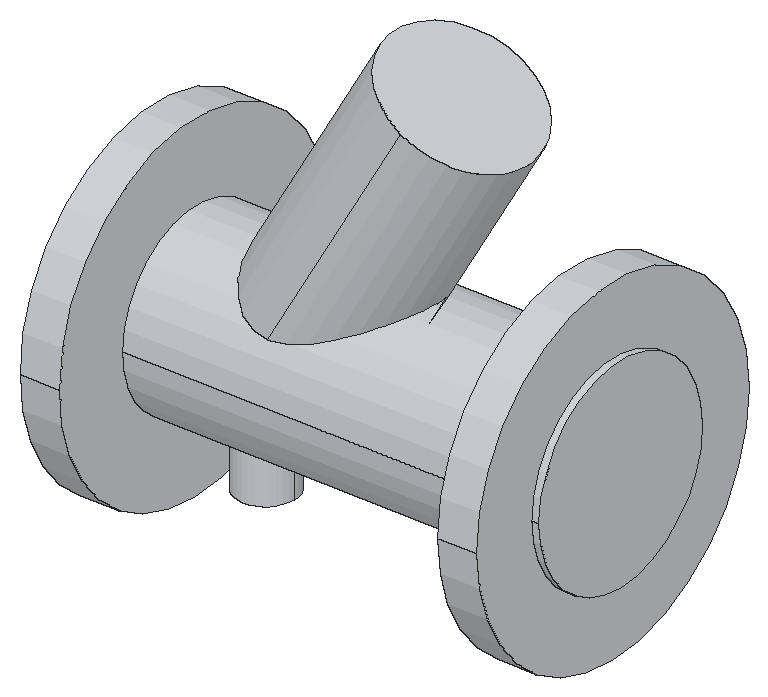
Revit family "HS 821-síto_jemné-PN16-DN050-RFA_2019", category Pipe Accessories, Revit 2019
Family settings
  Round Connector Dimension = Use Diameter
  Part Type = Breaks Into
  Work Plane-Based = No
  Always vertical = Yes
  Cut with Voids When Loaded = No
  Shared = No
Parameters (values of type "821A-DN050-PN16-síto_jemné")
  magiProductId = "8255d456a09e4f6486734f5dd9171b"
  magiProductFamilyId = "79214ac3aaa945e397802f559f5c1e"
  magiPartTypeId = 307
  isMeasuringValve [instance] = no
  ang2D [instance] = 0.00°
  ZB__ve = -ZB  # -26.75 mm
  ZB1 = 40.095 mm
  ZB = 26.75 mm
  X2 = 79.061 mm
  X1 = 32.2 mm
  W2D = 15 mm
  VersionID = "2.0/2017.9.26.1/ZETKAMA_821_001"
  Use Minimum Symbol Size [instance] = yes
  URL = "www.hydronix.cz"
  Type Comments = "Filtr přírubový; síto jemné; A-PN16 (-10~300°C); D-PN25 (-10~350°C); F-PN40 (-10~400°C)"
  S = 99 mm
  QmdConnectorList = "301;D;302;D"
  Productdata [instance] = ""
  Manufacturer = "Hydronix"
  MC Product Code = "210 150 (821A; DN050 PN16; kvs53,7; oko síta 0,63mm)"
  LM1 = 18.4 mm
  LM = 184 mm
  L4 = 57.5 mm
  L2D_Min = 3048 mm
  L2D = 130 mm
  L2 = 115 mm
  HH2 = 136.938 mm
  FD = 165 mm
  Description = "Filtr přírubový; síto jemné; 821A-PN16; 821D-PN25; 821F-PN40"
  DM1 = 73.8 mm
  DM = 89.1 mm
  D = 50 mm
  CC = 3.91 mm
  CAT0 = yes
  C1 = 19.09 mm
  C = 23 mm
  BD = 28.066 mm
Types (40, lengths in mm): name | magiProductId | ZB__ve | ZB1 | ZB | X2 | X1 | S | MC Product Code | LM1 | LM | L4 | L2 | HH2 | FD | DM1 | DM | D | CC | C1 | C | BD
  821A-DN015-PN16-síto_jemné | "a71bcfe8b393460598b23e8ddf7dc5" | -16.25 | 18.63 | 16.25 | 46.982 | 18.2 | 46 | "210 115 (821A; DN015; PN16; kvs6,2; oko síta 0,63mm)" | 10.4 | 104 | 32.5 | 65 | 81.375 | 95 | 27.6 | 41.4 | 15 | 2.21 | 10.79 | 13 | 13.041
  821A-DN020-PN16-síto_jemné | "41cd6c7a12924f4991217528336076" | -17.75 | 22.68 | 17.75 | 51.673 | 21 | 56 | "210 120 (821A; DN020; PN16; kvs9,6; oko síta 0,63mm)" | 12 | 120 | 37.5 | 75 | 89.5 | 105 | 33.6 | 50.4 | 20 | 2.55 | 12.45 | 15 | 15.876
  821A-DN025-PN16-síto_jemné | "be378b463ed14c3abf4c9b3ae8cf3a" | -19.25 | 26.325 | 19.25 | 58.601 | 22.4 | 65 | "210 125 (821A; DN025; PN16; kvs14,2; oko síta 0,63mm)" | 12.8 | 128 | 40 | 80 | 101.5 | 115 | 43.2 | 58.5 | 25 | 2.72 | 13.28 | 16 | 18.427
  821A-DN032-PN16-síto_jemné | "227a0d18b21540afabe8b6067d35fa" | -23 | 30.78 | 23 | 68.849 | 25.2 | 76 | "210 132 (821A; DN032; PN16; kvs23,1; oko síta 0,63mm)" | 14.4 | 144 | 45 | 90 | 119.25 | 140 | 50.4 | 68.4 | 32 | 3.06 | 14.94 | 18 | 21.546
  821A-DN040-PN16-síto_jemné | "d106917c74724141a10440112d0102" | -24.5 | 34.02 | 24.5 | 75.777 | 28 | 84 | "210 140 (821A; DN040; PN16; kvs36,6; oko síta 0,63mm)" | 16 | 160 | 50 | 100 | 131.25 | 150 | 60 | 75.6 | 40 | 3.4 | 16.6 | 20 | 23.814
  821A-DN050-PN16-síto_jemné | "8255d456a09e4f6486734f5dd9171b" | -26.75 | 40.095 | 26.75 | 79.061 | 32.2 | 99 | "210 150 (821A; DN050 PN16; kvs53,7; oko síta 0,63mm)" | 18.4 | 184 | 57.5 | 115 | 136.938 | 165 | 73.8 | 89.1 | 50 | 3.91 | 19.09 | 23 | 28.066
  821A-DN065-PN16-síto_jemné | "235b1b3e4c0843779a4d5e3716d40a" | -29.75 | 47.79 | 29.75 | 86.927 | 40.6 | 118 | "210 165 (821A; DN065; PN16; kvs95,1; oko síta 0,63mm)" | 23.2 | 232 | 72.5 | 145 | 150.562 | 185 | 94.2 | 106.2 | 65 | 4.93 | 24.07 | 29 | 33.453
  821A-DN080-PN16-síto_jemné | "a067f7c5236348ed8c820d16df7214" | -32 | 53.46 | 32 | 104.753 | 43.4 | 132 | "210 180 (821A; DN080; PN16; kvs137,1; oko síta 0,63mm)" | 24.8 | 248 | 77.5 | 155 | 181.438 | 200 | 107.4 | 118.8 | 80 | 5.27 | 25.73 | 31 | 37.422
  821A-DN100-PN16-síto_jemné | "c49a648c2747461285837d643703cd" | -35 | 63.18 | 35 | 114.857 | 49 | 156 | "210 190 (821A; DN100; PN16; kvs206,4; oko síta 0,63mm)" | 28 | 280 | 87.5 | 175 | 198.937 | 220 | 131.4 | 140.4 | 100 | 5.95 | 29.05 | 35 | 44.226
  821A-DN125-PN16-síto_jemné | "bf68e728a163493cbd2a663b26ebdc" | -39.5 | 74.52 | 39.5 | 131.888 | 56 | 184 | "210 191 (821A; DN125; PN16; kvs268,8; oko síta 0,63mm)" | 32 | 320 | 100 | 200 | 228.438 | 250 | 165 | 165.6 | 125 | 6.8 | 33.2 | 40 | 52.164
  821A-DN150-PN16-síto_jemné | "2de770284b654863ae6bc865769dc5" | -44.75 | 85.455 | 44.75 | 155.885 | 67.2 | 211 | "210 192 (821A; DN150; PN16; kvs401,4; oko síta 0,63mm)" | 38.4 | 384 | 120 | 240 | 270 | 285 | 192 | 189.9 | 150 | 8.16 | 39.84 | 48 | 59.818
  821A-DN200-PN16-síto_jemné | "8e5693371ab64aabb29a7f08c76e15" | -53 | 107.73 | 53 | 188.361 | 84 | 266 | "210 193 (821A; DN200; PN16; kvs706,7; oko síta 0,63mm)" | 48 | 480 | 150 | 300 | 326.25 | 340 | 252 | 239.4 | 200 | 10.2 | 49.8 | 60 | 75.411
  821A-DN250-PN16-síto_jemné | "05e37ed948c34047acdd4c42556504" | -62.75 | 129.195 | 62.75 | 255.911 | 102.2 | 319 | "210 194 (821A; DN250; PN16; kvs1229,4; oko síta 0,63mm)" | 58.4 | 584 | 182.5 | 365 | 443.25 | 405 | 309.6 | 287.1 | 250 | 12.41 | 60.59 | 73 | 90.436
  821A-DN300-PN16-síto_jemné | "9ad0af747269428da925480d83ce80" | -71 | 149.85 | 71 | 325.914 | 119 | 370 | "210 195 (821A; DN300; PN16; kvs1902,4; oko síta 0,63mm)" | 68 | 680 | 212.5 | 425 | 564.5 | 460 | 369.6 | 333 | 300 | 14.45 | 70.55 | 85 | 104.895
  821A-DN350-PN16-síto_jemné | "eebc71459bb3451bb4355e7951370a" | -80 | 173.745 | 80 | 356.875 | 137.2 | 429 | "200 196 (821A; DN350; PN16; kvs2611,0; oko síta 0,63mm)" | 78.4 | 784 | 245 | 490 | 618.125 | 520 | 438 | 386.1 | 350 | 16.66 | 81.34 | 98 | 121.621
  821A-DN400-PN16-síto_jemné | "d2f677cb196647e385b2590e7d8abe" | -89 | 194.4 | 89 | 392.237 | 154 | 480 | "210 197 (821A; DN400; PN16; kvs3438,4; oko síta 0,63mm)" | 88 | 880 | 275 | 550 | 679.375 | 580 | 498 | 432 | 400 | 18.7 | 91.3 | 110 | 136.08
  821D-DN015-PN25-síto_jemné | "27ddcbf555414f8ca1fde329bf9087" | -16.25 | 18.63 | 16.25 | 46.982 | 18.2 | 46 | "210 215 (821D; DN015; PN25; kvs6,2; oko síta 0,63mm)" | 10.4 | 104 | 32.5 | 65 | 81.375 | 95 | 27.6 | 41.4 | 15 | 2.21 | 10.79 | 13 | 13.041
  821D-DN020-PN25-síto_jemné | "270e0f14012f47189cd0235c18faee" | -17.75 | 22.68 | 17.75 | 51.673 | 21 | 56 | "210 220 (821D; DN020; PN25; kvs9,6; oko síta 0,63mm)" | 12 | 120 | 37.5 | 75 | 89.5 | 105 | 33.6 | 50.4 | 20 | 2.55 | 12.45 | 15 | 15.876
  821D-DN025-PN25-síto_jemné | "b9a7fb4aa36643878c637d8e1ab992" | -19.25 | 26.325 | 19.25 | 58.601 | 22.4 | 65 | "210 225 (821D; DN025; PN25; kvs14,2; oko síta 0,63mm)" | 12.8 | 128 | 40 | 80 | 101.5 | 115 | 43.2 | 58.5 | 25 | 2.72 | 13.28 | 16 | 18.427
  821D-DN032-PN25-síto_jemné | "6be9a55c4e68400f94eec7e804204c" | -23 | 30.78 | 23 | 68.849 | 25.2 | 76 | "210 232 (821D; DN032; PN25; kvs23,1; oko síta 0,63mm)" | 14.4 | 144 | 45 | 90 | 119.25 | 140 | 50.4 | 68.4 | 32 | 3.06 | 14.94 | 18 | 21.546
  821D-DN040-PN25-síto_jemné | "c54511bd7f584ec2984291479612cb" | -24.5 | 34.02 | 24.5 | 75.777 | 28 | 84 | "210 240 (821D; DN040; PN25; kvs36,6; oko síta 0,63mm)" | 16 | 160 | 50 | 100 | 131.25 | 150 | 60 | 75.6 | 40 | 3.4 | 16.6 | 20 | 23.814
  821D-DN050-PN25-síto_jemné | "5483b1f596b04cd39b23a14a22c90e" | -26.75 | 40.095 | 26.75 | 79.061 | 32.2 | 99 | "210 250 (821D; DN050; PN25; kvs53,7; oko síta 0,63mm)" | 18.4 | 184 | 57.5 | 115 | 136.938 | 165 | 73.8 | 89.1 | 50 | 3.91 | 19.09 | 23 | 28.066
  821D-DN065-PN25-síto_jemné | "767b0f8318e94750bc7a9930ed5b30" | -29.75 | 47.79 | 29.75 | 86.927 | 40.6 | 118 | "210 265 (821D; DN065; PN25; kvs95,1; oko síta 0,63mm)" | 23.2 | 232 | 72.5 | 145 | 150.562 | 185 | 94.2 | 106.2 | 65 | 4.93 | 24.07 | 29 | 33.453
  821D-DN080-PN25-síto_jemné | "e21040fa3cc2404b858198f6b73709" | -32 | 53.46 | 32 | 104.753 | 43.4 | 132 | "210 280 (821D; DN080; PN25; kvs137,1; oko síta 0,63mm)" | 24.8 | 248 | 77.5 | 155 | 181.438 | 200 | 107.4 | 118.8 | 80 | 5.27 | 25.73 | 31 | 37.422
  821D-DN100-PN25-síto_jemné | "175ca87a506b40b3bc6b82f12f33cf" | -37.25 | 63.18 | 37.25 | 114.857 | 49 | 156 | "210 290 (821D; DN100; PN25; kvs206,4; oko síta 0,63mm)" | 28 | 280 | 87.5 | 175 | 198.937 | 235 | 131.4 | 140.4 | 100 | 5.95 | 29.05 | 35 | 44.226
  821D-DN125-PN25-síto_jemné | "77cc98d60da24855999a22dff726b2" | -42.5 | 74.52 | 42.5 | 131.888 | 56 | 184 | "210 291 (821D; DN125; PN25; kvs268,8; oko síta 0,63mm)" | 32 | 320 | 100 | 200 | 228.438 | 270 | 165 | 165.6 | 125 | 6.8 | 33.2 | 40 | 52.164
  821D-DN150-PN25-síto_jemné | "9cf8acfcd15547d68e83172d3abcbe" | -47 | 85.455 | 47 | 155.885 | 67.2 | 211 | "210 292 (821D; DN150; PN25; kvs401,4; oko síta 0,63mm)" | 38.4 | 384 | 120 | 240 | 270 | 300 | 192 | 189.9 | 150 | 8.16 | 39.84 | 48 | 59.818
  821D-DN200-PN25-síto_jemné | "16973f3c9ea14389ba8602495a6b64" | -56 | 110.97 | 56 | 188.361 | 84 | 274 | "210 293 (821D; DN200; PN25; kvs706,7; oko síta 0,63mm)" | 48 | 480 | 150 | 300 | 326.25 | 360 | 252 | 246.6 | 200 | 10.2 | 49.8 | 60 | 77.679
  821F-DN015-PN40-síto_jemné | "4c7eaf3c4c0340888b3e684d8a8616" | -16.25 | 18.225 | 16.25 | 46.982 | 18.2 | 45 | "250 615 (821F; DN015; PN40; kvs6,2; oko síta 0,63mm)" | 10.4 | 104 | 32.5 | 65 | 81.375 | 95 | 27.6 | 40.5 | 15 | 2.21 | 10.79 | 13 | 12.757
  821F-DN020-PN40-síto_jemné | "aaac5f1ec96b44d6ba96ac2293d66d" | -17.75 | 23.49 | 17.75 | 51.673 | 21 | 58 | "250 620 (821F; DN020; PN40; kvs9,6; oko síta 0,63mm)" | 12 | 120 | 37.5 | 75 | 89.5 | 105 | 33.6 | 52.2 | 20 | 2.55 | 12.45 | 15 | 16.443
  821F-DN025-PN40-síto_jemné | "504768023968471481789485b54c7e" | -19.25 | 27.54 | 19.25 | 58.601 | 22.4 | 68 | "250 625 (821F; DN025; PN40; kvs14,2; oko síta 0,63mm)" | 12.8 | 128 | 40 | 80 | 101.5 | 115 | 43.2 | 61.2 | 25 | 2.72 | 13.28 | 16 | 19.278
  821F-DN032-PN40-síto_jemné | "165e7f39cf744f329bdf1c400dad12" | -23 | 31.59 | 23 | 68.849 | 25.2 | 78 | "250 632 (821F; DN032; PN40; kvs23,1; oko síta 0,63mm)" | 14.4 | 144 | 45 | 90 | 119.25 | 140 | 50.4 | 70.2 | 32 | 3.06 | 14.94 | 18 | 22.113
  821F-DN040-PN40-síto_jemné | "b8903f952089408fbf3a5a632bab1f" | -24.5 | 35.64 | 24.5 | 75.777 | 28 | 88 | "250 640 (821F; DN040; PN40; kvs36,6; oko síta 0,63mm)" | 16 | 160 | 50 | 100 | 131.25 | 150 | 60 | 79.2 | 40 | 3.4 | 16.6 | 20 | 24.948
  821F-DN050-PN40-síto_jemné | "c451f97266fe48da8f879cb6a2bd44" | -26.75 | 41.31 | 26.75 | 79.061 | 32.2 | 102 | "250 650 (821F; DN050; PN40; kvs53,7; oko síta 0,63mm)" | 18.4 | 184 | 57.5 | 115 | 136.938 | 165 | 73.8 | 91.8 | 50 | 3.91 | 19.09 | 23 | 28.917
  821F-DN065-PN40-síto_jemné | "dc9821e3f9b34e128f6a8c6b34c198" | -29.75 | 49.41 | 29.75 | 86.927 | 40.6 | 122 | "250 665 (821F; DN065; PN40; kvs95,1; oko síta 0,63mm)" | 23.2 | 232 | 72.5 | 145 | 150.562 | 185 | 94.2 | 109.8 | 65 | 4.93 | 24.07 | 29 | 34.587
  821F-DN080-PN40-síto_jemné | "689aa1e260f84cf4994f027a1d86b5" | -32 | 55.89 | 32 | 104.753 | 43.4 | 138 | "250 680 (821F; DN080; PN40; kvs137,1; oko síta 0,63mm)" | 24.8 | 248 | 77.5 | 155 | 181.438 | 200 | 107.4 | 124.2 | 80 | 5.27 | 25.73 | 31 | 39.123
  821F-DN100-PN40-síto_jemné | "8a45d4e8e2ab425f8c432f21d684f3" | -37.25 | 65.61 | 37.25 | 114.857 | 49 | 162 | "250 690 (821F; DN100; PN40; kvs206,4; oko síta 0,63mm)" | 28 | 280 | 87.5 | 175 | 198.937 | 235 | 131.4 | 145.8 | 100 | 5.95 | 29.05 | 35 | 45.927
  821F-DN125-PN40-síto_jemné | "cf073904c006406b8645afa67ea2fc" | -42.5 | 76.14 | 42.5 | 131.888 | 56 | 188 | "250 691 (821F; DN125; PN40; kvs268,8; oko síta 0,63mm)" | 32 | 320 | 100 | 200 | 228.438 | 270 | 165 | 169.2 | 125 | 6.8 | 33.2 | 40 | 53.298
  821F-DN150-PN40-síto_jemné | "0153b9ddabe14992a630484929fdbc" | -47 | 88.29 | 47 | 155.885 | 67.2 | 218 | "250 692 (821F; DN150; PN40; kvs401,4; oko síta 0,63mm)" | 38.4 | 384 | 120 | 240 | 270 | 300 | 192 | 196.2 | 150 | 8.16 | 39.84 | 48 | 61.803
  821F-DN200-PN40-síto_jemné | "7fb3fc01dd8d42428c203e3f8dd4d5" | -56 | 115.425 | 56 | 188.361 | 84 | 285 | "250 693 (821F; DN200; PN40; kvs706,7; oko síta 0,63mm)" | 48 | 480 | 150 | 300 | 326.25 | 360 | 252 | 256.5 | 200 | 10.2 | 49.8 | 60 | 80.797
Reference planes
  plane 1 "Center (Front/Back)": y = 0
  plane 2 "XYPLANE": z = 0
  plane 3 "Center (Left/Right)": x = 0
  plane 4 "109": x = -73.6
  plane 5 "108": x = 92
  plane 6 "107": x = -92
  plane 7 "105": x = 115
  plane 8 "104": x = -115
  plane 9 "103": y = 0
  plane 10 "102": z = 0
  plane 11 "101": x = -111.09
  plane 12 "100": x = 111.09
  plane 13 "11": x = -41.4
  plane 14 "10": z = 136.938
  plane 15 "9": x = 37.661
  plane 16 "5": z = -40.095
  plane 17 "4": x = -57.5
  plane 18 "1": x = 57.5
Forms (mm)
  Extrusion 1, solid, visible <- "CAT0"
    sketch origin (-92, -750, 0) x (0, 1, 0) y (0, 0, 1)
      loop
        circle (750, 0) r 44.55
    from 0 to 184 <- "LM"
  Extrusion 2, solid
    sketch origin (-115, -750, 0) x (0, 1, 0) y (0, 0, 1)
      loop
        circle (750, 0) r 49.5
    from 0 to 3.91 <- "CC"
  Extrusion 3, solid
    sketch origin (-111.09, -750, 0) x (0, 1, 0) y (0, 0, 1)
      loop
        circle (750, 0) r 82.5
    from 0 to 19.09 <- "C1"
  Extrusion 4, solid
    sketch origin (92, -750, 0) x (0, 1, 0) y (0, 0, 1)
      loop
        circle (750, 0) r 82.5
    from 0 to 19.09 <- "C1"
  Extrusion 5, solid
    sketch origin (111.09, -750, 0) x (0, 1, 0) y (0, 0, 1)
      loop
        circle (750, 0) r 49.5
    from 0 to 3.91 <- "CC"
  Sweep 6, solid, visible <- "CAT0"
    path origin (750, 0, 0) x (-1, 0, 0) y (0, 0, 1)
      loop
        line (842, 0) -> (791.4, 0) -> (712.339, 136.938)
    profile origin (-92, 0, 0) x (0, 0, -1) y (0, 1, 0)
      loop
        circle (0, 0) r 36.9
  Extrusion 7, solid, visible <- "CAT0"
    sketch origin (-750, 0, -40.095) x (1, 0, 0) y (0, 1, 0)
      loop
        circle (692.5, 0) r 14.033
    from 0 to -26.75 <- "ZB__ve"
  Extrusion 8, solid, visible <- "CAT0"
    sketch origin (-750, 0, -40.095) x (1, 0, 0) y (0, 1, 0)
      loop
        circle (807.5, 0) r 14.033
    from 0 to -26.75 <- "ZB__ve"
  Extrusion 9, solid, not visible
    sketch origin (115, -750, 0) x (0, 1, 0) y (0, 0, 1)
      loop
        circle (750, 0) r 10
    from 0 to -10
  Extrusion 10, solid, not visible
    sketch origin (-115, -750, 0) x (0, 1, 0) y (0, 0, 1)
      loop
        circle (750, 0) r 10
    from 0 to 10
Lines and regions (mm)
  reference lines, not visible
    curve 1: circle (2, 2, 0) r 1 normal (0, 0, 1)
Dimensions and locks
  plane 1 "Center (Front/Back)" to curve 1 = 2 mm
  "LM1": plane 6 "107" to plane 4 "109"
  "LM": plane 6 "107" to plane 5 "108"
  "C": plane 8 "104" to plane 6 "107"
  "L2": plane 3 "Center (Left/Right)" to plane 7 "105"
  "L2": plane 3 "Center (Left/Right)" to plane 8 "104"
  locked: plane 1 "Center (Front/Back)" to plane 9 "103"
  locked: plane 2 "XYPLANE" to plane 10 "102"
  "CC": plane 8 "104" to plane 11 "101"
  "C1": plane 5 "108" to plane 12 "100"
  "X1": plane 4 "109" to plane 13 "11"
  "HH2": plane 2 "XYPLANE" to plane 14 "10"
  "X2": plane 13 "11" to plane 15 "9"
  "ZB1": plane 2 "XYPLANE" to plane 16 "5"
  "L4": plane 8 "104" to plane 17 "4"
  "L2": plane 17 "4" to plane 18 "1"
  Sweep 6 sketch curve to Sweep 6 sketch curve = 0 mm  (x2)
  "DM": diameter of Extrusion 1 sketch curve
  "S": diameter of Extrusion 2 sketch curve
  "FD": diameter of Extrusion 3 sketch curve
  "FD": diameter of Extrusion 4 sketch curve
  "S": diameter of Extrusion 5 sketch curve
  "DM1": diameter of Sweep 6 sketch curve
  "BD": diameter of Extrusion 7 sketch curve
  "BD": diameter of Extrusion 8 sketch curve
  aligned and locked: level to plane 2 "XYPLANE"
  aligned and locked: Extrusion 1 sketch curve to plane 9 "103"
  aligned and locked: plane 10 "102" to Extrusion 1 sketch curve
  aligned and locked: Extrusion 2 sketch curve to plane 9 "103"
  aligned and locked: plane 10 "102" to Extrusion 2 sketch curve
  aligned and locked: Extrusion 3 sketch curve to plane 9 "103"
  aligned and locked: plane 10 "102" to Extrusion 3 sketch curve
  aligned and locked: Extrusion 4 sketch curve to plane 9 "103"
  aligned and locked: plane 10 "102" to Extrusion 4 sketch curve
  aligned and locked: Extrusion 5 sketch curve to plane 9 "103"
  aligned and locked: plane 10 "102" to Extrusion 5 sketch curve
  aligned and locked: Sweep 6 sketch curve to plane 9 "103"
  aligned and locked: plane 10 "102" to Sweep 6 sketch curve  (x3)
  aligned and locked: plane 6 "107" to Sweep 6 sketch curve
  aligned and locked: plane 13 "11" to Sweep 6 sketch curve
  aligned and locked: plane 14 "10" to Sweep 6 sketch curve
  aligned and locked: plane 15 "9" to Sweep 6 sketch curve
  aligned and locked: plane 9 "103" to Extrusion 7 sketch curve
  aligned and locked: plane 17 "4" to Extrusion 7 sketch curve
  aligned and locked: plane 9 "103" to Extrusion 8 sketch curve
  aligned and locked: plane 18 "1" to Extrusion 8 sketch curve
  aligned and locked: Extrusion 9 sketch curve to plane 9 "103"
  aligned and locked: plane 10 "102" to Extrusion 9 sketch curve
  aligned and locked: Extrusion 10 sketch curve to plane 9 "103"
  aligned and locked: plane 10 "102" to Extrusion 10 sketch curve
Automatic sketch dimensions
  plane 1 "Center (Front/Back)" to Extrusion 9 sketch curve = 10 mm
  plane 1 "Center (Front/Back)" to Extrusion 10 sketch curve = 10 mm
  plane 3 "Center (Left/Right)" to curve 1 = 2 mm
  radius of curve 1 = 1 mm
Connectors
  piping at (-115, 0, 0), diameter 50, driven by "D"
    settings: on Extrusion 10, index 1, connector inside diameter 609.6 mm, connector length 0 mm, flow factor 0, pipe flow 0.0 L/s, pressure drop 0.0 Pa, fitting loss kfactor 0, connector angle 0.00°, fixture units 0, engagement length 0 mm, angle of deflection 0.00°, flow configuration 0, flow direction 0, fitting loss method 0, system type 29, joint type 0, gender type 0, connector reference index 2, connector utility 0, adjustable connector no, is connector primary yes, connector description ""
  piping at (115, 0, 0), diameter 50, driven by "D"
    settings: on Extrusion 9, index 2, connector inside diameter 609.6 mm, connector length 0 mm, flow factor 0, pipe flow 0.0 L/s, pressure drop 0.0 Pa, fitting loss kfactor 0, connector angle 0.00°, fixture units 0, engagement length 0 mm, angle of deflection 0.00°, flow configuration 0, flow direction 0, fitting loss method 0, system type 29, joint type 0, gender type 0, connector reference index 1, connector utility 0, adjustable connector no, is connector primary no, connector description ""
